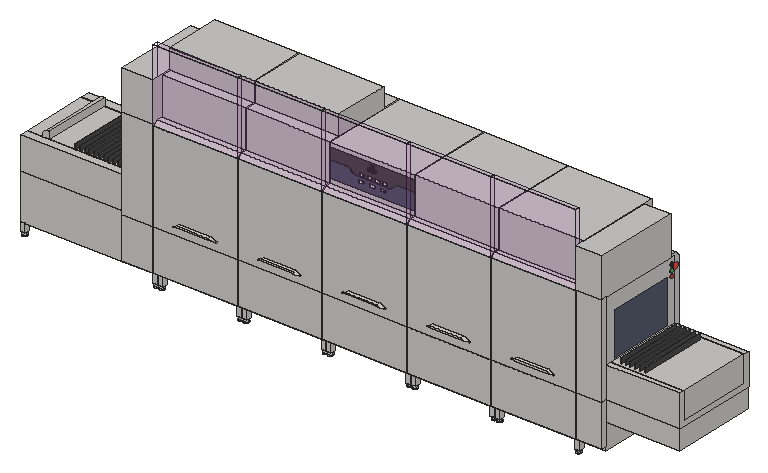
Revit family "QF_ELECTROLUXPROFESSIONAL_520122_EFTD082EL2U2D1M5ER386", category Attrezzature speciali, Revit 2020
Family settings
  Quota connettore circolare = Usa diametro
  Tipo di parte = Normale
  Basato su piano di lavoro = No
  Sempre verticale = Sì
  Taglio con vuoti quando caricato = No
  Condiviso = No
  Punto di calcolo locali = No
Parameters (values of type "Standard")
  Weight = 1381.00 kg
  Watts = 66700 W
  Volts = 380 V
  URL Manufacturer = "https://www.electroluxprofessional.com/"
  URL = "https://www.electroluxprofessional.com/"
  Steam Supply Size = 0 mm
  Steam Supply Minimum Pressure = 0.0 Pa
  Steam Supply Maximum Pressure = 0.0 Pa
  Steam Consumption per Hour = 0
  Show Logo [instance] = yes
  Show Clearance [instance] = yes
  Refrigeration Suction Line Size = 0 mm
  Refrigeration Liquid Line Size = 0 mm
  Refrigerant Compressor Remote = yes
  Prospetto di default = 0 mm
  Produttore = "Electrolux Professional"
  Phase = 3
  Modello = "EFTD082EL2U2D1M5ER386"
  Length Actual = 6250 mm  # constant formula
  Item Number = "520122"
  Hot Water Size = 0 mm
  Height Actual = 1983 mm  # constant formula
  HP = "89.4 HP"
  Gas Size = 0 mm
  Gas KW = 0
  Gas Input Pressure = 0 W
  Direct Waste Size = 50.8 mm
  Descrizione = "FT, 3TANKS, 8200D/H, EL., 950MM LOADING, 1300MM UNLOADING, 1DRYER, 55MM CONVEYOR,ESD,R>L,380V60HZ3P"
  Depth Actual = 946 mm  # constant formula
  Cycle = 60 Hz
  Condensate Return Size = 0 mm
  Compressed Air Volume = 0.0 L/s
  Compressed Air Size = 0 mm
  Compressed Air Pressure = 0.0 Pa
  Cold Water Size = 0 mm
  Accessory = yes
Reference planes
  plane 1 "Centro (Fronte/Retro)": y = 0
  plane 2: z = 0
  plane 3 "Centro (Sinistra/Destra)": x = 0
  plane 4: z = 115
Forms (mm)
  Extrusion 1, solid, material "QF_Finishes_Stainless Steel"
    sketch origin (2582.404, 2, 1806.023) x (1, 0, 0) y (0, 0, 1)
      loop
        line (407.596, -163.023) -> (407.596, -183.023) -> (427.596, -183.023) -> (427.596, -163.023) -> (407.596, -163.023)
    from 0 to 2
  Extrusion 2, solid, material "QF_Finishes_Stainless Steel"
    sketch origin (-5.617, 22.464, 1290.159) x (0, 0, -1) y (0, 1, 0)
      loop
        circle (1102.159, -772.464) r 25
    from -9.383 to 5.617
  Extrusion 3, solid, material "QF_Finishes_Stainless Steel"
    sketch origin (3242.404, 2, 337.984) x (1, 0, 0) y (0, 0, 1)
      loop
        line (407.596, -163.023) -> (407.596, -183.023) -> (427.596, -183.023) -> (427.596, -163.023) -> (407.596, -163.023)
    from 0 to 2
  Extrusion 4, solid, material "QF_Finishes_Stainless Steel"
    sketch origin (647.841, 200.464, 109.383) x (1, 0, 0) y (0, 1, 0)
      loop
        circle (1102.159, -772.464) r 10
    from -9.383 to 5.617
Dimensions and locks
  plane 4 to level = 115 mm
  aligned and locked: level to plane 2
Nested families
  nested 1: "MODULO_CENTER_800_FAN" at (1683.563, -388.258, 0), Show Clearance <- "Show Clearance", type "MODULO_CENTER_800_FAN"
    with Show Logo yes, Show Clearance yes, R_L no, L_R yes
  nested 2: "MODULO_CENTER_800_FAN" at (2483.563, -388.258, 0), Show Clearance <- "Show Clearance", type "MODULO_CENTER_800_FAN"
    with Show Logo yes, Show Clearance yes, R_L no, L_R yes
  nested 3: "MODULO_CENTER_800" at (3283.563, -388.258, 0), Show Clearance <- "Show Clearance", type "MODULO_CENTER_800"
    with Show Logo yes, Show Clearance yes, R_L no, L_R yes
  nested 4: "MODULO_ENTRY_DISH_950" at (5691.437, -523.742, 0) x (-1, 0, 0) z (0, 0, 1), type "MODULO_ENTRY_DISH_950"
    with Show Logo yes, Show Clearance yes, R_L no, L_R yes
  nested 5: "MODULO_USCITA_DISH_1300" at (941.437, -523.742, 0) x (-1, 0, 0) z (0, 0, 1), type "MODULO_USCITA_DISH_1300"
    with Show Logo yes, Show Clearance yes, R_L yes, L_R no
  nested 6: "Piedino_Square_115H" at (23.5, -838.5, 0), type "Piedino_Square_115H"
  nested 7: "Piedino_Square_115H" at (23.5, -73.5, 0), type "Piedino_Square_115H"
  nested 8: "Piedino_Square_115H" at (1276.5, -838.5, 0), type "Piedino_Square_115H"
  nested 9: "Piedino_Square_115H" at (1276.5, -73.5, 0), type "Piedino_Square_115H"
  nested 10: "Piedino_Square_115H" at (1323.5, -838.5, 0), type "Piedino_Square_115H"
  nested 11: "Piedino_Square_115H" at (1323.5, -73.5, 0), type "Piedino_Square_115H"
  nested 12: "Piedino_Square_115H" at (2076.5, -838.5, 0), type "Piedino_Square_115H"
  nested 13: "Piedino_Square_115H" at (2076.5, -73.5, 0), type "Piedino_Square_115H"
  nested 14: "Piedino_Square_115H" at (2123.5, -838.5, 0) x (-1, 0, 0) z (0, 0, 1), type "Piedino_Square_115H"
  nested 15: "Piedino_Square_115H" at (2123.5, -73.5, 0) x (-1, 0, 0) z (0, 0, 1), type "Piedino_Square_115H"
  nested 16: "Piedino_Square_115H" at (2876.5, -838.5, 0) x (-1, 0, 0) z (0, 0, 1), type "Piedino_Square_115H"
  nested 17: "Piedino_Square_115H" at (2876.5, -73.5, 0) x (-1, 0, 0) z (0, 0, 1), type "Piedino_Square_115H"
  nested 18: "Piedino_Square_115H" at (2923.5, -838.5, 0), type "Piedino_Square_115H"
  nested 19: "Piedino_Square_115H" at (2923.5, -73.5, 0), type "Piedino_Square_115H"
  nested 20: "Piedino_Square_115H" at (3676.5, -838.5, 0), type "Piedino_Square_115H"
  nested 21: "Piedino_Square_115H" at (3676.5, -73.5, 0), type "Piedino_Square_115H"
  nested 22: "MANIGLIA_FLIGHT_400" at (3300, -912, 639.28) x (1, 0, 0) z (0, -1, 0), type "MANIGLIA_FLIGHT_400"
  nested 23: "MANIGLIA_FLIGHT_400" at (2500, -912, 639.28) x (1, 0, 0) z (0, -1, 0), type "MANIGLIA_FLIGHT_400"
  nested 24: "MANIGLIA_FLIGHT_400" at (1700, -912, 639.28) x (1, 0, 0) z (0, -1, 0), type "MANIGLIA_FLIGHT_400"
  nested 25: "MODULO_CENTER_800" at (4116.437, -388.258, 0) x (-1, 0, 0) z (0, 0, 1), Show Clearance <- "Show Clearance", type "MODULO_CENTER_800"
    with Show Logo yes, Show Clearance yes, R_L no, L_R yes
  nested 26: "Piedino_Square_115H" at (4476.5, -838.5, 0) x (-1, 0, 0) z (0, 0, 1), type "Piedino_Square_115H"
  nested 27: "Piedino_Square_115H" at (4476.5, -73.5, 0) x (-1, 0, 0) z (0, 0, 1), type "Piedino_Square_115H"
  nested 28: "Piedino_Square_115H" at (3723.5, -838.5, 0) x (-1, 0, 0) z (0, 0, 1), type "Piedino_Square_115H"
  nested 29: "Piedino_Square_115H" at (3723.5, -73.5, 0) x (-1, 0, 0) z (0, 0, 1), type "Piedino_Square_115H"
  nested 30: "MANIGLIA_FLIGHT_400" at (4100, -912, 639.28) x (-1, 0, 0) z (0, -1, 0), type "MANIGLIA_FLIGHT_400"
  nested 31: "MODULO_CENTER_800" at (4883.563, -388.258, 0), Show Clearance <- "Show Clearance", type "MODULO_CENTER_800"
    with Show Logo yes, Show Clearance yes, R_L no, L_R yes
  nested 32: "Piedino_Square_115H" at (4523.5, -838.5, 0), type "Piedino_Square_115H"
  nested 33: "Piedino_Square_115H" at (4523.5, -73.5, 0), type "Piedino_Square_115H"
  nested 34: "Piedino_Square_115H" at (5276.5, -838.5, 0), type "Piedino_Square_115H"
  nested 35: "Piedino_Square_115H" at (5276.5, -73.5, 0), type "Piedino_Square_115H"
  nested 36: "MANIGLIA_FLIGHT_400" at (4900, -912, 639.28) x (1, 0, 0) z (0, -1, 0), type "MANIGLIA_FLIGHT_400"
  nested 37: "Schermo_Flight_800" at (3300, -815, 1593.29) x (1, 0, 0) z (0, -1, 0), type "Schermo_Flight_800"
  nested 38: "ELX_LOGO_WORDS_WHITE" at (3300, -816.6, 1683.29) x (1, 0, 0) z (0, -1, 0), Show Logo <- "Show Logo", visible <- "Show Logo", type "ELX_LOGO_WORDS_WHITE"
    with Show Logo yes
  nested 39: "ELX_LOGO_MONO_SMALL_WHITE" at (3290.08, -816.6, 1669.29) x (-1, 0, 0) z (0, -1, 0), Show Logo <- "Show Logo", visible <- "Show Logo", type "ELX_LOGO_MONO_SMALL_WHITE"
    with Show Logo yes
Connectors
  electrical at (3000, 2, 1633)
    settings: on Extrusion 1, index 69, voltage 0 V, apparent load 0 VA, apparent load phase1 0 VA, apparent load phase2 0 VA, apparent load phase3 0 VA, power factor 1, load classification "Altro", number of poles 1, system type 30, power factor state 1, is connector primary yes, connector utility no, sub classification motor no, connector description "EI"
  piping at (-15, -750, 188), diameter 50
    settings: on Extrusion 2, index 70, connector inside diameter 609.6 mm, connector length 0 mm, flow factor 0, pipe flow 0.0 L/s, pressure drop 0.0 Pa, fitting loss kfactor 0, connector angle 0.00°, fixture units 0, engagement length 0 mm, angle of deflection 0.00°, flow configuration 0, flow direction 0, fitting loss method 0, system type 29, joint type 0, gender type 0, connector reference index -1, connector utility 0, adjustable connector no, is connector primary yes, connector description "D"
  electrical at (3660, 2, 164.961)
    settings: on Extrusion 3, index 71, voltage 0 V, apparent load 0 VA, apparent load phase1 0 VA, apparent load phase2 0 VA, apparent load phase3 0 VA, power factor 1, load classification "Altro", number of poles 1, system type 30, power factor state 1, is connector primary no, connector utility no, sub classification motor no, connector description "EQ"
  piping at (1750, -572, 100), diameter 19.1
    settings: on Extrusion 4, index 72, connector inside diameter 609.6 mm, connector length 0 mm, flow factor 0, pipe flow 0.0 L/s, pressure drop 0.0 Pa, fitting loss kfactor 0, connector angle 0.00°, fixture units 0, engagement length 0 mm, angle of deflection 0.00°, flow configuration 0, flow direction 0, fitting loss method 0, system type 29, joint type 0, gender type 0, connector reference index -1, connector utility 0, adjustable connector no, is connector primary no, connector description "HWI/CWI"
Definition of nested family "MODULO_CENTER_800_FAN"
  Parameters (values of type "MODULO_CENTER_800_FAN")
    URL = "http://professional.electrolux.com"
    Show Logo [instance] = yes
    R_L [instance] = not(L_R)  # no
    Default Elevation = 0 mm
    Manufacturer = "Electrolux"
    Model = "ESR10E5"
    Length Actual = 800 mm
    Show Clearance [instance] = yes
    L_R [instance] = yes
    Height Actual = 1792 mm
    Description = "SINGLE RINSE RT, 100R/H, ELECTRIC 50HZ"
    Depth Actual = 912 mm
  Reference planes
    plane 1 "Center X": y = -67.742
    plane 2: z = 0
    plane 3 "LEFT": x = -383.563
    plane 4 "RIGHT": x = 416.437
    plane 5 "BACK": y = 388.258
    plane 6 "FEET": z = 115
    plane 7: z = 2092
    plane 8 "TOP": z = 1792
    plane 9 "FRONT": y = -523.742
    plane 10 "Left/Right": x = 16.437
    plane 11 "TopVent": z = 1983
  Forms (mm)
    Extrusion 1, solid
      sketch origin (416.437, 479.936, 4000) x (0, 1, 0) y (0, 0, 1)
        loop
          line (-91.678, -2208) -> (-906.678, -2208) -> (-906.678, -2580) -> (-91.678, -2580) -> (-91.678, -2208)
      from -800 to 0
    Extrusion 2, solid
      sketch origin (-383.563, 437.565, 3910) x (0, 1, 0) y (0, 0, 1)
        loop
          line (-99.307, -2490) -> (-911.307, -2490) -> (-911.307, -3552) -> (-99.307, -3552) -> (-99.307, -2490)
      from 800 to 0
    Extrusion 3, solid
      sketch origin (416.437, 479.936, 4299) x (0, 1, 0) y (0, 0, 1)
        loop
          line (-278.21, -2316) -> (-803.678, -2316) -> (-803.678, -2507) -> (-278.21, -2507) -> (-278.21, -2316)
      from -800 to 0
    Extrusion 4, solid
      sketch origin (16.437, 0, 1.5) x (0, 0, 1) y (0, -1, 0)
        loop
          line (356.5, -338.258) -> (356.5, 473.742) -> (113.5, 473.742) -> (113.5, -338.258) -> (356.5, -338.258)
      from 400 to -400
    Extrusion 5, solid
      sketch origin (16.437, 0, 0) x (0, 0, 1) y (0, -1, 0)
        loop
          line (1420, -338.258) -> (545, -338.258) -> (545, -388.258) -> (1420, -388.258) -> (1420, -338.258)
      from -400 to 400
    Extrusion 6, solid
      sketch origin (16.437, 0, 0) x (0, 0, 1) y (0, -1, 0)
        loop
          line (545, -388.258) -> (545, -338.258) -> (154, -338.258) -> (154, -388.258) -> (545, -388.258)
      from -400 to 400
    Extrusion 7, solid
      sketch origin (16.437, -882.484, -150) x (0, -1, 0) y (0, 0, 1)
        loop
          line (-358.742, 304) -> (-358.742, 695) -> (-408.742, 695) -> (-408.742, 304) -> (-358.742, 304)
      from -400 to 400
    Extrusion 8, solid
      sketch origin (16.437, -882.484, -151) x (0, -1, 0) y (0, 0, 1)
        loop
          line (-408.742, 1571) -> (-408.742, 696) -> (-358.742, 696) -> (-358.742, 1556) -> (-395.742, 1593) -> (-443.742, 1593) -> (-443.742, 1571) -> (-408.742, 1571)
      from -400 to 400
    Extrusion 9, solid, visible <- "Show Clearance"
      sketch origin (16.437, -882.484, 452) x (0, -1, 0) y (0, 0, 1)
        loop
          line (-408.742, 1640) -> (-408.742, 953.624) -> (-358.742, 953.624) -> (-358.742, 1640) -> (-408.742, 1640)
      from -400 to 400
  Dimensions and locks
    plane 3 "LEFT" to plane 4 "RIGHT" = 800 mm
    plane 5 "BACK" to plane 1 "Center X" to plane 9 "FRONT" = 456 mm, 456 mm
    plane 6 "FEET" to level = 115 mm  (x2)
    plane 6 "FEET" to plane 8 "TOP" = 1677 mm
    plane 5 "BACK" to plane 9 "FRONT" = 912 mm  (x2)
    plane 4 "RIGHT" to plane 3 "LEFT" = 800 mm
    plane 9 "FRONT" to plane 5 "BACK" = 912 mm
    level to plane 8 "TOP" = 1792 mm  (x2)
    plane 7 to level = 2092 mm
    plane 11 "TopVent" to plane 2 = 1983 mm
    plane 7 to plane 2 = 2092 mm
    Extrusion 2 to level = 1420 mm
    Extrusion 8 to level = 1442 mm
    plane 11 "TopVent" to level = 1983 mm
    aligned and locked: level to plane 2
Definition of nested family "MODULO_CENTER_800"
  Parameters (values of type "MODULO_CENTER_800")
    URL = "http://professional.electrolux.com"
    Show Logo [instance] = yes
    R_L [instance] = not(L_R)  # no
    Default Elevation = 0 mm
    Manufacturer = "Electrolux"
    Model = "ESR10E5"
    Length Actual = 800 mm
    Show Clearance [instance] = yes
    L_R [instance] = yes
    Height Actual = 1792 mm
    Description = "SINGLE RINSE RT, 100R/H, ELECTRIC 50HZ"
    Depth Actual = 912 mm
  Reference planes
    plane 1 "Center X": y = -67.742
    plane 2: z = 0
    plane 3 "LEFT": x = -383.563
    plane 4 "RIGHT": x = 416.437
    plane 5 "BACK": y = 388.258
    plane 6 "FEET": z = 115
    plane 7: z = 2092
    plane 8 "TOP": z = 1792
    plane 9 "FRONT": y = -523.742
    plane 10 "Left/Right": x = 16.437
  Forms (mm)
    Extrusion 1, solid
      sketch origin (416.437, 479.936, 4000) x (0, 1, 0) y (0, 0, 1)
        loop
          line (-91.678, -2208) -> (-906.678, -2208) -> (-906.678, -2580) -> (-91.678, -2580) -> (-91.678, -2208)
      from -800 to 0
    Extrusion 2, solid
      sketch origin (-383.563, 437.565, 3915) x (0, 1, 0) y (0, 0, 1)
        loop
          line (-99.307, -2495) -> (-911.307, -2495) -> (-911.307, -3557) -> (-99.307, -3557) -> (-99.307, -2495)
      from 800 to 0
    Extrusion 3, solid
      sketch origin (16.437, 0, 1.5) x (0, 0, 1) y (0, -1, 0)
        loop
          line (356.5, -338.258) -> (356.5, 473.742) -> (113.5, 473.742) -> (113.5, -338.258) -> (356.5, -338.258)
      from 400 to -400
    Extrusion 4, solid
      sketch origin (16.437, 0, 0) x (0, 0, 1) y (0, -1, 0)
        loop
          line (1420, -338.258) -> (545, -338.258) -> (545, -388.258) -> (1420, -388.258) -> (1420, -338.258)
      from -400 to 400
    Extrusion 5, solid
      sketch origin (16.437, 0, 0) x (0, 0, 1) y (0, -1, 0)
        loop
          line (545, -388.258) -> (545, -338.258) -> (154, -338.258) -> (154, -388.258) -> (545, -388.258)
      from -400 to 400
    Extrusion 6, solid
      sketch origin (16.437, -882.484, -150) x (0, -1, 0) y (0, 0, 1)
        loop
          line (-358.742, 304) -> (-358.742, 695) -> (-408.742, 695) -> (-408.742, 304) -> (-358.742, 304)
      from -400 to 400
    Extrusion 7, solid
      sketch origin (16.437, -882.484, -151) x (0, -1, 0) y (0, 0, 1)
        loop
          line (-408.742, 1571) -> (-408.742, 696) -> (-358.742, 696) -> (-358.742, 1556) -> (-395.742, 1593) -> (-443.742, 1593) -> (-443.742, 1571) -> (-408.742, 1571)
      from -400 to 400
    Extrusion 8, solid, visible <- "Show Clearance"
      sketch origin (16.437, -882.484, 452) x (0, -1, 0) y (0, 0, 1)
        loop
          line (-408.742, 1640) -> (-408.742, 953.624) -> (-358.742, 953.624) -> (-358.742, 1640) -> (-408.742, 1640)
      from -400 to 400
  Dimensions and locks
    plane 3 "LEFT" to plane 4 "RIGHT" = 800 mm
    plane 5 "BACK" to plane 1 "Center X" to plane 9 "FRONT" = 456 mm, 456 mm
    plane 6 "FEET" to level = 115 mm  (x2)
    plane 6 "FEET" to plane 8 "TOP" = 1677 mm
    plane 5 "BACK" to plane 9 "FRONT" = 912 mm  (x2)
    plane 4 "RIGHT" to plane 3 "LEFT" = 800 mm
    plane 9 "FRONT" to plane 5 "BACK" = 912 mm
    level to plane 8 "TOP" = 1792 mm  (x2)
    plane 7 to level = 2092 mm
    plane 7 to plane 2 = 2092 mm
    Extrusion 2 to level = 1420 mm
    Extrusion 7 to level = 1442 mm
    aligned and locked: level to plane 2
Definition of nested family "MODULO_ENTRY_DISH_950"
  Parameters (values of type "MODULO_ENTRY_DISH_950")
    URL = "http://professional.electrolux.com"
    Show Logo [instance] = yes
    R_L [instance] = not(L_R)  # no
    Default Elevation = 0 mm
    Manufacturer = "Electrolux"
    Model = "ESR10E5"
    Length Actual = 800 mm
    Show Clearance [instance] = yes
    L_R [instance] = yes
    Height Actual = 1792 mm
    Description = "SINGLE RINSE RT, 100R/H, ELECTRIC 50HZ"
    Depth Actual = 912 mm
  Reference planes
    plane 1 "Center (Front/Back)": y = -67.742
    plane 2: z = 0
    plane 3 "LEFT": x = -558.563
    plane 4 "RIGHT": x = 391.437
    plane 5 "BACK": y = 388.258
    plane 6 "FRONT": y = -523.742
    plane 7 "BUTTONS": y = -427.742
    plane 8: z = 115
    plane 9 "2": y = 292.258
  Forms (mm)
    Extrusion 1, solid, visible <- "L_R"
      sketch origin (391.437, 479.936, 4000) x (0, 1, 0) y (0, 0, 1)
        loop
          line (-91.678, -2208) -> (-906.678, -2208) -> (-906.678, -2580) -> (-91.678, -2580) -> (-91.678, -2208)
      from -250 to 0
    Extrusion 2, solid
      sketch origin (-358.563, 437.565, 3910) x (0, 1, 0) y (0, 0, 1)
        loop
          line (-99.307, -2490) -> (-911.307, -2490) -> (-911.307, -3552) -> (-99.307, -3552) -> (-99.307, -2490)
      from 750 to 500
    Extrusion 3, solid
      sketch origin (-558.563, 437.565, 3910) x (0, 1, 0) y (0, 0, 1)
        loop
          line (-99.307, -3365) -> (-99.307, -3060) -> (-149.307, -3060) -> (-149.307, -3315) -> (-861.307, -3315) -> (-861.307, -3060) -> (-911.307, -3060) -> (-911.307, -3365) -> (-99.307, -3365)
      from 700 to 0
    Extrusion 4, solid
      sketch origin (16.437, 0, -4.987) x (0, 0, 1) y (0, -1, 0)
        loop
          line (362.987, -338.258) -> (362.987, 473.742) -> (119.987, 473.742) -> (119.987, -338.258) -> (362.987, -338.258)
      from 375 to 125
    Extrusion 5, solid, visible <- "L_R"
      sketch origin (16.437, 0, 0) x (0, 0, 1) y (0, -1, 0)
        loop
          line (1420, -338.258) -> (545, -338.258) -> (545, -388.258) -> (1420, -388.258) -> (1420, -338.258)
      from 125 to 375
    Extrusion 6, solid
      sketch origin (16.437, 0, 0) x (0, 0, 1) y (0, -1, 0)
        loop
          line (545, -388.258) -> (545, -338.258) -> (154, -338.258) -> (154, -388.258) -> (545, -388.258)
      from 125 to 375
    Extrusion 7, solid
      sketch origin (-558.563, 437.565, 3607.258) x (0, 1, 0) y (0, 0, 1)
        loop
          line (-99.307, -3249.258) -> (-99.307, -3062.258) -> (-911.307, -3062.258) -> (-911.307, -3249.258) -> (-99.307, -3249.258)
      from 700 to 0
    Extrusion 8, solid
      sketch origin (-558.563, 437.565, 4000) x (0, 1, 0) y (0, 0, 1)
        loop
          line (-149.307, -3150) -> (-861.307, -3150) -> (-861.307, -3405) -> (-149.307, -3405) -> (-149.307, -3150)
      from 0 to 700
    Extrusion 9, solid
      sketch origin (266.437, -882.484, -150) x (0, -1, 0) y (0, 0, 1)
        loop
          line (-358.742, 304) -> (-358.742, 695) -> (-408.742, 695) -> (-408.742, 304) -> (-358.742, 304)
      from -125 to 125
    Extrusion 10, solid, visible <- "L_R"
      sketch origin (266.437, -882.484, -151) x (0, -1, 0) y (0, 0, 1)
        loop
          line (-408.742, 1571) -> (-408.742, 696) -> (-358.742, 696) -> (-358.742, 1556) -> (-395.742, 1593) -> (-443.742, 1593) -> (-443.742, 1571) -> (-408.742, 1571)
      from -125 to 125
    Extrusion 11, solid
      sketch origin (-358.563, 437.565, 4000) x (0, 1, 0) y (0, 0, 1)
        loop
          line (-199.307, -2725.701) -> (-811.307, -2725.701) -> (-811.307, -3137.701) -> (-199.307, -3137.701) -> (-199.307, -2725.701)
      from 495.458 to 500
    Extrusion 12, solid, visible <- "R_L"
      sketch origin (266.437, 747, -151) x (0, 1, 0) y (0, 0, -1)
        loop
          line (-408.742, -1571) -> (-443.742, -1571) -> (-443.742, -1593) -> (-395.742, -1593) -> (-358.742, -1556) -> (-358.742, -696) -> (-408.742, -696) -> (-408.742, -1571)
      from -125 to 125
    Extrusion 13, solid, visible <- "R_L"
      sketch origin (16.437, -135.484, 0) x (0, 0, 1) y (0, -1, 0)
        loop
          line (1420, 338.258) -> (1420, 388.258) -> (545, 388.258) -> (545, 338.258) -> (1420, 338.258)
      from 125 to 375
    Extrusion 14, solid, visible <- "R_L"
      sketch origin (391.437, -615.42, 4000) x (0, -1, 0) y (0, 0, -1)
        loop
          line (-91.678, 2208) -> (-91.678, 2580) -> (-906.678, 2580) -> (-906.678, 2208) -> (-91.678, 2208)
      from -250 to 0
    Extrusion 15, solid
      sketch origin (-191.477, -192.742, -3) x (-1, 0, 0) y (0, 0, 1)
        loop
          line (-26.676, 853) -> (-26.676, 898) -> (-36.676, 898) -> (-36.676, 853) -> (-26.676, 853)
      from -196 to 446
    Extrusion 16, solid
      sketch origin (-146.477, -192.742, -3) x (-1, 0, 0) y (0, 0, 1)
        loop
          line (-26.676, 853) -> (-26.676, 898) -> (-36.676, 898) -> (-36.676, 853) -> (-26.676, 853)
      from -196 to 446
    Extrusion 17, solid
      sketch origin (-101.477, -192.742, -3) x (-1, 0, 0) y (0, 0, 1)
        loop
          line (-26.676, 853) -> (-26.676, 898) -> (-36.676, 898) -> (-36.676, 853) -> (-26.676, 853)
      from -196 to 446
    Extrusion 18, solid
      sketch origin (-56.477, -192.742, -3) x (-1, 0, 0) y (0, 0, 1)
        loop
          line (-26.676, 853) -> (-26.676, 898) -> (-36.676, 898) -> (-36.676, 853) -> (-26.676, 853)
      from -196 to 446
    Extrusion 19, solid
      sketch origin (-11.477, -192.742, -3) x (-1, 0, 0) y (0, 0, 1)
        loop
          line (-26.676, 853) -> (-26.676, 898) -> (-36.676, 898) -> (-36.676, 853) -> (-26.676, 853)
      from -196 to 446
    Extrusion 20, solid
      sketch origin (33.523, -192.742, -3) x (-1, 0, 0) y (0, 0, 1)
        loop
          line (-26.676, 853) -> (-26.676, 898) -> (-36.676, 898) -> (-36.676, 853) -> (-26.676, 853)
      from -196 to 446
  Dimensions and locks
    plane 3 "LEFT" to plane 4 "RIGHT" = 950 mm
    plane 5 "BACK" to plane 1 "Center (Front/Back)" to plane 6 "FRONT" = 456 mm, 456 mm
    plane 5 "BACK" to plane 6 "FRONT" = 912 mm  (x2)
    plane 4 "RIGHT" to plane 3 "LEFT" = 950 mm  (x2)
    plane 6 "FRONT" to plane 5 "BACK" = 912 mm
    plane 8 to level = 115 mm
    Extrusion 1 to level = 1792 mm
    Extrusion 3 to level = 850 mm
    aligned and locked: level to plane 2
  Nested families
    nested 1: "BOTTONE_RED_STOP" at (141.437, -427.742, 1266.906) x (0, -1, 0) z (-1, 0, 0), visible <- "L_R", type "BOTTONE_RED_STOP"
    nested 2: "BOTTONE_EMERGENCY_STOP" at (141.437, -427.742, 1370) x (0, -1, 0) z (-1, 0, 0), visible <- "L_R", type "BOTTONE_EMERGENCY_STOP"
    nested 3: "BOTTONE_GREEN_START" at (141.437, -427.742, 1316.906) x (0, -1, 0) z (-1, 0, 0), visible <- "L_R", type "BOTTONE_GREEN_START"
    nested 4: "BOTTONE_RED_STOP" at (141.437, 292.258, 1267.906) x (0, 1, 0) z (-1, 0, 0), visible <- "R_L", type "BOTTONE_RED_STOP"
    nested 5: "BOTTONE_EMERGENCY_STOP" at (141.437, 292.258, 1371) x (0, 1, 0) z (-1, 0, 0), visible <- "R_L", type "BOTTONE_EMERGENCY_STOP"
    nested 6: "BOTTONE_GREEN_START" at (141.437, 292.258, 1317.906) x (0, 1, 0) z (-1, 0, 0), visible <- "R_L", type "BOTTONE_GREEN_START"
  Definition of nested family "BOTTONE_RED_STOP"
    Parameters (values of type "BOTTONE_RED_STOP")
      Default Elevation = 1219.2 mm
    Reference planes
      plane 1 "Centro (Fronte/Retro)": y = 0
      plane 2: z = 0
      plane 3 "Centro (Sinistra/Destra)": x = 0
    Forms (mm)
      Extrusion 1, solid
        sketch origin (0, 0, 0) x (1, 0, 0) y (0, 1, 0)
          loop
            line (-1219.2, 1219.2) -> (-1219.2, -1219.2) -> (1219.2, -1219.2) -> (1219.2, 1219.2) -> (-1219.2, 1219.2)
        from 0 to -304.8
      Extrusion 2, solid
        sketch origin (-367.513, 69.533, 15) x (-1, 0, 0) y (0, 1, 0)
          loop
            circle (-367.513, -69.533) r 15
        from 0 to 15
    Dimensions and locks
      aligned and locked: plane 2 to Extrusion 1
      aligned and locked: level to Extrusion 1
  Definition of nested family "BOTTONE_EMERGENCY_STOP"
    Parameters
      Default Elevation = 1219.2 mm
    Reference planes
      plane 1 "Centro (Fronte/Retro)": y = 0
      plane 2: z = 0
      plane 3 "Centro (Sinistra/Destra)": x = 0
    Forms (mm)
      Extrusion 1, solid
        sketch origin (0, 0, 0) x (1, 0, 0) y (0, 1, 0)
          loop
            line (-1219.2, 1219.2) -> (-1219.2, -1219.2) -> (1219.2, -1219.2) -> (1219.2, 1219.2) -> (-1219.2, 1219.2)
        from 0 to -304.8
      Extrusion 2, solid
        sketch origin (0, 0, 0) x (1, 0, 0) y (0, 1, 0)
          loop
            circle (0, 0) r 15
        from 0 to 20.273
      Blend 3, solid
        base sketch origin (-49.801, 0, 0) x (1, 0, 0) y (0, 1, 0)
          loop
            circle (49.801, 0) r 15
        top sketch origin (-49.801, 0, 0) x (1, 0, 0) y (0, 1, 0)
          loop
            circle (49.801, 0) r 25
        from 20.273 to 47.605
    Dimensions and locks
      aligned and locked: plane 2 to Extrusion 1
      aligned and locked: level to Extrusion 1
  Definition of nested family "BOTTONE_GREEN_START"
    Parameters (values of type "BOTTONE_GREEN_START")
      Default Elevation = 1219.2 mm
    Reference planes
      plane 1 "Centro (Fronte/Retro)": y = 0
      plane 2: z = 0
      plane 3 "Centro (Sinistra/Destra)": x = 0
    Forms (mm)
      Extrusion 1, solid
        sketch origin (0, 0, 0) x (1, 0, 0) y (0, 1, 0)
          loop
            line (-1219.2, 1219.2) -> (-1219.2, -1219.2) -> (1219.2, -1219.2) -> (1219.2, 1219.2) -> (-1219.2, 1219.2)
        from 0 to -304.8
      Extrusion 2, solid
        sketch origin (-367.513, 69.533, 15) x (-1, 0, 0) y (0, 1, 0)
          loop
            circle (-367.513, -69.533) r 15
        from 0 to 15
    Dimensions and locks
      aligned and locked: plane 2 to Extrusion 1
      aligned and locked: level to Extrusion 1
Definition of nested family "MODULO_USCITA_DISH_1300"
  Parameters (values of type "MODULO_USCITA_DISH_1300")
    URL = "http://professional.electrolux.com"
    Show Logo [instance] = yes
    R_L [instance] = not(L_R)  # yes
    Default Elevation = 0 mm
    Manufacturer = "Electrolux"
    Model = "ESR10E5"
    Length Actual = 800 mm
    Show Clearance [instance] = yes
    L_R [instance] = no
    Height Actual = 1792 mm
    Description = "SINGLE RINSE RT, 100R/H, ELECTRIC 50HZ"
    Depth Actual = 912 mm
  Reference planes
    plane 1 "Center (Front/Back)": y = -67.742
    plane 2: z = 0
    plane 3 "LEFT": x = -358.563
    plane 4 "BACK": y = 388.258
    plane 5 "FEET": z = 115
    plane 6 "TOP": z = 1792
    plane 7 "FRONT": y = -523.742
    plane 8 "Left/Right": x = 16.437
    plane 9: x = -358.563
    plane 10: y = -427.742
    plane 11 "RIGHT": x = 941.437
  Forms (mm)
    Extrusion 1, solid, visible <- "R_L"
      sketch origin (-358.563, 479.936, 4003) x (0, 1, 0) y (0, 0, -1)
        loop
          line (-91.678, 2211) -> (-91.678, 2583) -> (-906.678, 2583) -> (-906.678, 2211) -> (-91.678, 2211)
      from -300 to 0
    Extrusion 2, solid
      sketch origin (-358.563, 437.565, 4003) x (0, 1, 0) y (0, 0, 1)
        loop
          line (-99.307, -3458) -> (-911.307, -3458) -> (-911.307, -3888) -> (-99.307, -3888) -> (-99.307, -3458)
      from 300 to 0
    Extrusion 3, solid
      sketch origin (-358.563, 479.936, 4003) x (0, 1, 0) y (0, 0, -1)
        loop
          line (-141.678, 2583) -> (-141.678, 3458) -> (-953.678, 3458) -> (-953.678, 2583) -> (-141.678, 2583)
      from -300 to 0
    Extrusion 4, solid
      sketch origin (391.437, 437.565, 3913) x (0, 1, 0) y (0, 0, -1)
        loop
          line (-99.307, 3368) -> (-911.307, 3368) -> (-911.307, 3063) -> (-826.307, 3063) -> (-826.307, 3318) -> (-184.307, 3318) -> (-184.307, 3063) -> (-99.307, 3063) -> (-99.307, 3368)
      from 450 to -550
    Extrusion 5, solid, visible <- "R_L"
      sketch origin (16.437, 0, 3) x (0, 0, 1) y (0, 1, 0)
        loop
          line (1417, 338.258) -> (1417, 388.258) -> (542, 388.258) -> (542, 338.258) -> (1417, 338.258)
      from 75 to 375
    Extrusion 6, solid
      sketch origin (16.437, 0, 3) x (0, 0, 1) y (0, 1, 0)
        loop
          line (542, 388.258) -> (151, 388.258) -> (151, 338.258) -> (542, 338.258) -> (542, 388.258)
      from 75 to 375
    Extrusion 7, solid
      sketch origin (391.437, 437.565, 3610.258) x (0, 1, 0) y (0, 0, -1)
        loop
          line (-99.307, 3495.258) -> (-911.307, 3495.258) -> (-911.307, 3065.258) -> (-99.307, 3065.258) -> (-99.307, 3495.258)
      from 450 to -550
    Extrusion 8, solid
      sketch origin (991.437, 0, 3) x (0, 1, 0) y (0, 0, 1)
        loop
          line (253.258, 847) -> (-388.742, 847) -> (-388.742, 592) -> (253.258, 592) -> (253.258, 847)
      from -50 to -1050
    Extrusion 9, solid
      sketch origin (-358.563, 437.565, 3928) x (0, 1, 0) y (0, 0, 1)
        loop
          line (-811.307, -3065.701) -> (-199.307, -3065.701) -> (-199.307, -2653.701) -> (-811.307, -2653.701) -> (-811.307, -3065.701)
      from 300 to 304.77
    Extrusion 10, solid
      sketch origin (-208.563, -115, -147) x (0, 1, 0) y (0, 0, 1)
        loop
          line (-358.742, 301) -> (-358.742, 692) -> (-408.742, 692) -> (-408.742, 301) -> (-358.742, 301)
      from -150 to 150
    Extrusion 11, solid, visible <- "R_L"
      sketch origin (-208.563, -882.484, -151) x (0, -1, 0) y (0, 0, 1)
        loop
          line (-408.742, 1571) -> (-408.742, 696) -> (-358.742, 696) -> (-358.742, 1556) -> (-395.742, 1593) -> (-443.742, 1593) -> (-443.742, 1571) -> (-408.742, 1571)
      from -150 to 150
    Extrusion 12, solid
      sketch origin (-39.574, -192.742, -3) x (-1, 0, 0) y (0, 0, 1)
        loop
          line (-26.676, 853) -> (-26.676, 898) -> (-36.676, 898) -> (-36.676, 853) -> (-26.676, 853)
      from -196 to 446
    Extrusion 13, solid
      sketch origin (5.426, -192.742, -3) x (-1, 0, 0) y (0, 0, 1)
        loop
          line (-26.676, 853) -> (-26.676, 898) -> (-36.676, 898) -> (-36.676, 853) -> (-26.676, 853)
      from -196 to 446
    Extrusion 14, solid
      sketch origin (50.426, -192.742, -3) x (-1, 0, 0) y (0, 0, 1)
        loop
          line (-26.676, 853) -> (-26.676, 898) -> (-36.676, 898) -> (-36.676, 853) -> (-26.676, 853)
      from -196 to 446
    Extrusion 15, solid
      sketch origin (95.426, -192.742, -3) x (-1, 0, 0) y (0, 0, 1)
        loop
          line (-26.676, 853) -> (-26.676, 898) -> (-36.676, 898) -> (-36.676, 853) -> (-26.676, 853)
      from -196 to 446
    Extrusion 16, solid
      sketch origin (140.426, -192.742, -3) x (-1, 0, 0) y (0, 0, 1)
        loop
          line (-26.676, 853) -> (-26.676, 898) -> (-36.676, 898) -> (-36.676, 853) -> (-26.676, 853)
      from -196 to 446
    Extrusion 17, solid
      sketch origin (185.426, -192.742, -3) x (-1, 0, 0) y (0, 0, 1)
        loop
          line (-26.676, 853) -> (-26.676, 898) -> (-36.676, 898) -> (-36.676, 853) -> (-26.676, 853)
      from -196 to 446
    Extrusion 18, solid
      sketch origin (230.426, -192.742, -3) x (-1, 0, 0) y (0, 0, 1)
        loop
          line (-26.676, 853) -> (-26.676, 898) -> (-36.676, 898) -> (-36.676, 853) -> (-26.676, 853)
      from -196 to 446
    Extrusion 19, solid
      sketch origin (275.426, -192.742, -3) x (-1, 0, 0) y (0, 0, 1)
        loop
          line (-26.676, 853) -> (-26.676, 898) -> (-36.676, 898) -> (-36.676, 853) -> (-26.676, 853)
      from -196 to 446
    Revolve 20, solid
      sketch origin (295, 0, 850) x (1, 0, 0) y (0, 1, 0)
        loop
          line (430.204, 253.258) -> (430.204, -388.742) -> (502.335, -388.742) -> (502.335, 253.258) -> (430.204, 253.258)
        axis (430.204, 253.258) -> (430.204, -388.742)
      angle from 0 to -90
    Extrusion 21, solid, visible <- "L_R"
      sketch origin (-208.563, 747, -151) x (0, 1, 0) y (0, 0, -1)
        loop
          line (-408.742, -1571) -> (-443.742, -1571) -> (-443.742, -1593) -> (-395.742, -1593) -> (-358.742, -1556) -> (-358.742, -696) -> (-408.742, -696) -> (-408.742, -1571)
      from -150 to 150
    Extrusion 22, solid, visible <- "L_R"
      sketch origin (16.437, -135.484, 3) x (0, 0, 1) y (0, 1, 0)
        loop
          line (1417, -338.258) -> (542, -338.258) -> (542, -388.258) -> (1417, -388.258) -> (1417, -338.258)
      from 75 to 375
    Extrusion 23, solid, visible <- "L_R"
      sketch origin (-358.563, -615.42, 4003) x (0, -1, 0) y (0, 0, 1)
        loop
          line (-91.678, -2211) -> (-906.678, -2211) -> (-906.678, -2583) -> (-91.678, -2583) -> (-91.678, -2211)
      from -300 to 0
    Extrusion 24, solid
      sketch origin (320.426, -192.742, -3) x (-1, 0, 0) y (0, 0, 1)
        loop
          line (-26.676, 853) -> (-26.676, 898) -> (-36.676, 898) -> (-36.676, 853) -> (-26.676, 853)
      from -196 to 446
    Extrusion 25, solid
      sketch origin (365.426, -192.742, -3) x (-1, 0, 0) y (0, 0, 1)
        loop
          line (-26.676, 853) -> (-26.676, 898) -> (-36.676, 898) -> (-36.676, 853) -> (-26.676, 853)
      from -196 to 446
    Extrusion 26, solid
      sketch origin (410.426, -192.742, -3) x (-1, 0, 0) y (0, 0, 1)
        loop
          line (-26.676, 853) -> (-26.676, 898) -> (-36.676, 898) -> (-36.676, 853) -> (-26.676, 853)
      from -196 to 446
    Extrusion 27, solid
      sketch origin (455.426, -192.742, -3) x (-1, 0, 0) y (0, 0, 1)
        loop
          line (-26.676, 853) -> (-26.676, 898) -> (-36.676, 898) -> (-36.676, 853) -> (-26.676, 853)
      from -196 to 446
  Dimensions and locks
    plane 4 "BACK" to plane 1 "Center (Front/Back)" to plane 7 "FRONT" = 456 mm, 456 mm
    plane 5 "FEET" to level = 115 mm  (x2)
    plane 4 "BACK" to plane 7 "FRONT" = 912 mm  (x2)
    plane 7 "FRONT" to plane 4 "BACK" = 912 mm
    level to plane 6 "TOP" = 1792 mm
    plane 3 "LEFT" to plane 8 "Left/Right" = 375 mm
    plane 8 "Left/Right" to plane 11 "RIGHT" = 925 mm
    plane 3 "LEFT" to plane 11 "RIGHT" = 1300 mm
    plane 9 to plane 11 "RIGHT" = 1300 mm
    plane 6 "TOP" to level = 1792 mm
    aligned and locked: level to plane 2
  Nested families
    nested 1: "BOTTONE_EMERGENCY_STOP" at (-58.563, -427.742, 1369) x (0, -1, 0) z (1, 0, 0), visible <- "R_L", type "BOTTONE_EMERGENCY_STOP"
    nested 2: "BOTTONE_GREEN_START" at (-58.563, -427.742, 1315.906) x (0, -1, 0) z (1, 0, 0), visible <- "R_L", type "BOTTONE_GREEN_START"
    nested 3: "BOTTONE_RED_STOP" at (-58.563, -427.742, 1265.906) x (0, -1, 0) z (1, 0, 0), visible <- "R_L", type "BOTTONE_RED_STOP"
    nested 4: "BOTTONE_EMERGENCY_STOP" at (-58.563, 292.258, 1369) x (0, 1, 0) z (1, 0, 0), visible <- "L_R", type "BOTTONE_EMERGENCY_STOP"
    nested 5: "BOTTONE_GREEN_START" at (-58.563, 292.258, 1315.906) x (0, 1, 0) z (1, 0, 0), visible <- "L_R", type "BOTTONE_GREEN_START"
    nested 6: "BOTTONE_RED_STOP" at (-58.563, 292.258, 1265.906) x (0, 1, 0) z (1, 0, 0), visible <- "L_R", type "BOTTONE_RED_STOP"
  Definition of nested family "BOTTONE_EMERGENCY_STOP"
    Parameters
      Default Elevation = 1219.2 mm
    Reference planes
      plane 1 "Centro (Fronte/Retro)": y = 0
      plane 2: z = 0
      plane 3 "Centro (Sinistra/Destra)": x = 0
    Forms (mm)
      Extrusion 1, solid
        sketch origin (0, 0, 0) x (1, 0, 0) y (0, 1, 0)
          loop
            line (-1219.2, 1219.2) -> (-1219.2, -1219.2) -> (1219.2, -1219.2) -> (1219.2, 1219.2) -> (-1219.2, 1219.2)
        from 0 to -304.8
      Extrusion 2, solid
        sketch origin (0, 0, 0) x (1, 0, 0) y (0, 1, 0)
          loop
            circle (0, 0) r 15
        from 0 to 20.273
      Blend 3, solid
        base sketch origin (-49.801, 0, 0) x (1, 0, 0) y (0, 1, 0)
          loop
            circle (49.801, 0) r 15
        top sketch origin (-49.801, 0, 0) x (1, 0, 0) y (0, 1, 0)
          loop
            circle (49.801, 0) r 25
        from 20.273 to 47.605
    Dimensions and locks
      aligned and locked: plane 2 to Extrusion 1
      aligned and locked: level to Extrusion 1
  Definition of nested family "BOTTONE_GREEN_START"
    Parameters (values of type "BOTTONE_GREEN_START")
      Default Elevation = 1219.2 mm
    Reference planes
      plane 1 "Centro (Fronte/Retro)": y = 0
      plane 2: z = 0
      plane 3 "Centro (Sinistra/Destra)": x = 0
    Forms (mm)
      Extrusion 1, solid
        sketch origin (0, 0, 0) x (1, 0, 0) y (0, 1, 0)
          loop
            line (-1219.2, 1219.2) -> (-1219.2, -1219.2) -> (1219.2, -1219.2) -> (1219.2, 1219.2) -> (-1219.2, 1219.2)
        from 0 to -304.8
      Extrusion 2, solid
        sketch origin (-367.513, 69.533, 15) x (-1, 0, 0) y (0, 1, 0)
          loop
            circle (-367.513, -69.533) r 15
        from 0 to 15
    Dimensions and locks
      aligned and locked: plane 2 to Extrusion 1
      aligned and locked: level to Extrusion 1
  Definition of nested family "BOTTONE_RED_STOP"
    Parameters (values of type "BOTTONE_RED_STOP")
      Default Elevation = 1219.2 mm
    Reference planes
      plane 1 "Centro (Fronte/Retro)": y = 0
      plane 2: z = 0
      plane 3 "Centro (Sinistra/Destra)": x = 0
    Forms (mm)
      Extrusion 1, solid
        sketch origin (0, 0, 0) x (1, 0, 0) y (0, 1, 0)
          loop
            line (-1219.2, 1219.2) -> (-1219.2, -1219.2) -> (1219.2, -1219.2) -> (1219.2, 1219.2) -> (-1219.2, 1219.2)
        from 0 to -304.8
      Extrusion 2, solid
        sketch origin (-367.513, 69.533, 15) x (-1, 0, 0) y (0, 1, 0)
          loop
            circle (-367.513, -69.533) r 15
        from 0 to 15
    Dimensions and locks
      aligned and locked: plane 2 to Extrusion 1
      aligned and locked: level to Extrusion 1
Definition of nested family "Piedino_Square_115H"
  Parameters (values of type "Piedino_Square_115H")
    Default Elevation = 0 mm
  Reference planes
    plane 1 "Centro (Fronte/Retro)": y = 0
    plane 2: z = 0
    plane 3 "Centro (Sinistra/Destra)": x = 0
    plane 4: z = 115
  Forms (mm)
    Extrusion 1, solid
      sketch origin (0, 0, 0) x (1, 0, 0) y (0, 1, 0)
        loop
          circle (0, 0) r 23
      from 0 to 5
    Extrusion 2, solid
      sketch origin (0, 0, 5) x (1, 0, 0) y (0, 1, 0)
        loop
          circle (0, 0) r 20
      from 0 to 25.777
    Extrusion 3, solid
      sketch origin (0, 0, 30.777) x (1, 0, 0) y (0, 1, 0)
        loop
          line (-23.5, 23.5) -> (-23.5, -23.5) -> (23.5, -23.5) -> (23.5, 23.5) -> (-23.5, 23.5)
      from 0 to 84.223
  Dimensions and locks
    plane 4 to level = 115 mm  (x2)
    radius of Extrusion 1 sketch curve = 23 mm
    aligned and locked: level to plane 2
    aligned and locked: Extrusion 1 to level
Definition of nested family "MANIGLIA_FLIGHT_400"
  Parameters
    Default Elevation = 1219.2 mm
  Reference planes
    plane 1 "Centro (Fronte/Retro)": y = 0
    plane 2: z = 0
    plane 3 "Centro (Sinistra/Destra)": x = 0
  Forms (mm)
    Extrusion 1, solid
      sketch origin (0, 0, 0) x (1, 0, 0) y (0, 1, 0)
        loop
          line (-1219.2, 1219.2) -> (-1219.2, -1219.2) -> (1219.2, -1219.2) -> (1219.2, 1219.2) -> (-1219.2, 1219.2)
      from 0 to -304.8
    Extrusion 2, solid
      sketch origin (-503, 656.113, -50) x (-1, 0, 0) y (0, 1, 0)
        loop
          line (-651.038, -638.613) -> (-703, -668.613) -> (-703, -673.613) -> (-658.503, -673.613) -> (-623.862, -653.613) -> (-382.138, -653.613) -> (-347.497, -673.613) -> (-303, -673.613) -> (-303, -668.613) -> (-354.962, -638.613) -> (-651.038, -638.613)
      from -86.258 to -50
    Extrusion 3, void
      sketch origin (0, -681.887, 358.742) x (0, 0, 1) y (0, 1, 0)
        loop
          line (-322.484, 684.387) -> (-353.281, 664.387) -> (-322.484, 664.387) -> (-322.484, 684.387)
      from -200 to 200
  Cuts and joins
    Extrusion 3 cuts Extrusion 2
  Dimensions and locks
    cut or joined group of Extrusion 2, Extrusion 3 to cut or joined group of Extrusion 2, Extrusion 3 = 400 mm
    cut or joined group of Extrusion 2, Extrusion 3 to cut or joined group of Extrusion 2, Extrusion 3 = 35 mm
    aligned and locked: plane 2 to Extrusion 1
    aligned and locked: level to Extrusion 1
Definition of nested family "Schermo_Flight_800"
  Parameters (values of type "Schermo_Flight_800")
    Default Elevation = 1219.2 mm
  Reference planes
    plane 1 "Center (Front/Back)": y = 0
    plane 2: z = 0
    plane 3 "Center (Left/Right)": x = 0
  Forms (mm)
    Extrusion 1, solid
      sketch origin (0, 0, 0) x (1, 0, 0) y (0, 1, 0)
        loop
          line (-1219.2, 1219.2) -> (-1219.2, -1219.2) -> (1219.2, -1219.2) -> (1219.2, 1219.2) -> (-1219.2, 1219.2)
      from 0 to -304.8
    Extrusion 2, solid
      sketch origin (0, -25, 0) x (1, 0, 0) y (0, 1, 0)
        loop
          line (-400, -82.94) -> (400, -82.94) -> (400, 70.507) -> (238.561, 70.507) -> (167.154, 20.507) -> (-167.154, 20.507) -> (-238.561, 70.507) -> (-400, 70.507) -> (-400, -82.94)
        loop
          line (-126.915, -7.668) -> (-126.915, -27.668) -> (-81.915, -27.668) -> (-81.915, -7.668) -> (-126.915, -7.668)
        loop
          line (-22.5, -7.668) -> (-22.5, -27.668) -> (22.5, -27.668) -> (22.5, -7.668) -> (-22.5, -7.668)
        loop
          line (126.915, -7.668) -> (81.915, -7.668) -> (81.915, -27.668) -> (126.915, -27.668) -> (126.915, -7.668)
      from 0 to 1.6
    Extrusion 3, solid
      sketch origin (0, -25, 0) x (1, 0, 0) y (0, 1, 0)
        loop
          line (-400, 177.06) -> (-400, 70.507) -> (-238.561, 70.507) -> (-167.154, 20.507) -> (167.154, 20.507) -> (238.561, 70.507) -> (400, 70.507) -> (400, 177.06) -> (-400, 177.06)
        loop
          line (-117.417, 56.68) -> (-117.417, 31.68) -> (-77.417, 31.68) -> (-77.417, 56.68) -> (-117.417, 56.68)
        loop
          line (-47.417, 56.68) -> (-47.417, 31.68) -> (-7.417, 31.68) -> (-7.417, 56.68) -> (-47.417, 56.68)
        loop
          line (27.583, 56.68) -> (27.583, 31.68) -> (67.583, 31.68) -> (67.583, 56.68) -> (27.583, 56.68)
        loop
          line (97.583, 56.68) -> (97.583, 31.68) -> (137.583, 31.68) -> (137.583, 56.68) -> (97.583, 56.68)
      from 0 to 1.6
    Extrusion 4, solid
      sketch origin (0, 0, 0) x (1, 0, 0) y (0, 1, 0)
        loop
          line (-117.417, 31.68) -> (-117.417, 6.68) -> (-77.417, 6.68) -> (-77.417, 31.68) -> (-117.417, 31.68)
        loop
          line (-47.417, 31.68) -> (-47.417, 6.68) -> (-7.417, 6.68) -> (-7.417, 31.68) -> (-47.417, 31.68)
        loop
          line (27.583, 31.68) -> (27.583, 6.68) -> (67.583, 6.68) -> (67.583, 31.68) -> (27.583, 31.68)
        loop
          line (97.583, 31.68) -> (97.583, 6.68) -> (137.583, 6.68) -> (137.583, 31.68) -> (97.583, 31.68)
        loop
          line (-126.915, -32.668) -> (-126.915, -52.668) -> (-81.915, -52.668) -> (-81.915, -32.668) -> (-126.915, -32.668)
        loop
          line (-22.5, -32.668) -> (-22.5, -52.668) -> (22.5, -52.668) -> (22.5, -32.668) -> (-22.5, -32.668)
        loop
          line (81.915, -32.668) -> (81.915, -52.668) -> (126.915, -52.668) -> (126.915, -32.668) -> (81.915, -32.668)
      from 0 to 1.6
  Dimensions and locks
    Extrusion 3 to Extrusion 3 = 800 mm
    Extrusion 2 to Extrusion 3 = 260 mm
    aligned and locked: plane 2 to Extrusion 1
    aligned and locked: level to Extrusion 1
Definition of nested family "ELX_LOGO_WORDS_WHITE"
  Parameters (values of type "ELX_LOGO_WORDS_WHITE")
    Show Logo [instance] = yes
    Default Elevation = 0 mm
  Reference planes
    plane 1 "Centro (Fronte/Retro)": y = 0
    plane 2: z = 0
    plane 3 "Centro (Sinistra/Destra)": x = 0
  Forms (mm)
    Extrusion 1, solid
      sketch origin (0, 0, 0) x (1, 0, 0) y (0, 1, 0)
        loop
          line (-1219.2, 1219.2) -> (-1219.2, -1219.2) -> (1219.2, -1219.2) -> (1219.2, 1219.2) -> (-1219.2, 1219.2)
      from 0 to -304.8
    Extrusion 2, solid, visible <- "Show Logo"
      sketch origin (0, 0, 0) x (1, 0, 0) y (0, 1, 0)
        loop
          line (-30.234, 10.561) -> (-37.67, 10.561) -> (-37.67, 1.902)
          arc (-37.67, 1.902) -> (-36.691, -0.461) -> (-34.329, -1.439) r 3.341
          line (-34.329, -1.439) -> (-30.09, -1.439) -> (-30.09, 0.503) -> (-33.845, 0.503)
          arc (-33.845, 0.503) -> (-35.079, 0.92) -> (-35.604, 2.112) r 1.615
          line (-35.604, 2.112) -> (-35.604, 3.829) -> (-30.555, 3.829) -> (-30.555, 5.779) -> (-35.604, 5.779) -> (-35.604, 8.617) -> (-30.234, 8.617) -> (-30.234, 10.561)
        loop
          line (-28.622, 10.561) -> (-28.622, -1.439) -> (-26.555, -1.439) -> (-26.555, 10.561) -> (-28.622, 10.561)
        loop
          line (16.27, 10.561) -> (16.27, -1.439) -> (18.338, -1.439) -> (18.338, 10.561) -> (16.27, 10.561)
        loop
          line (-23.137, 2.393) -> (-16.354, 2.393)
          arc (-16.354, 2.393) -> (-17.415, 6.119) -> (-21.043, 7.478) r 4.298
          arc (-21.043, 7.478) -> (-24.239, 5.857) -> (-25.151, 2.393) r 4.373
          arc (-25.151, 2.393) -> (-23.951, -0.505) -> (-21.053, -1.705) r 4.097
          arc (-21.053, -1.705) -> (-18.799, -1.372) -> (-16.908, -0.099) r 5.15
          line (-16.908, -0.099) -> (-18.133, 1.125)
          arc (-18.133, 1.125) -> (-19.74, 0.161) -> (-21.607, 0.323) r 3.039
          arc (-21.607, 0.323) -> (-22.746, 1.081) -> (-23.137, 2.393) r 2.013
        loop
          line (-23.085, 3.846) -> (-18.431, 3.846)
          arc (-18.431, 3.846) -> (-19.084, 5.22) -> (-20.519, 5.727) r 1.983
          arc (-20.519, 5.727) -> (-22.175, 5.295) -> (-23.085, 3.846) r 2.321
        loop
          line (-8.297, 4.711) -> (-6.999, 6.009)
          arc (-6.999, 6.009) -> (-8.627, 7.187) -> (-10.604, 7.539) r 4.497
          arc (-10.604, 7.539) -> (-13.621, 6.437) -> (-15.204, 3.642) r 4.652
          arc (-15.204, 3.642) -> (-12.536, -1.257) -> (-7.072, -0.127) r 4.684
          line (-7.072, -0.127) -> (-8.363, 1.163)
          arc (-8.363, 1.163) -> (-11.149, 0.242) -> (-13.145, 2.393) r 2.714
          arc (-13.145, 2.393) -> (-13.006, 4.094) -> (-11.835, 5.335) r 2.578
          arc (-11.835, 5.335) -> (-9.96, 5.621) -> (-8.297, 4.711) r 2.961
        loop
          line (-5.73, 10.561) -> (-5.73, 2.36)
          arc (-5.73, 2.36) -> (-5.551, 1.13) -> (-5.09, -0.025) r 5.301
          arc (-5.09, -0.025) -> (-3.615, -1.198) -> (-1.746, -1.445) r 3.531
          line (-1.746, -1.445) -> (-1.746, 0.492)
          arc (-1.746, 0.492) -> (-2.302, 0.534) -> (-2.82, 0.74) r 1.862
          arc (-2.82, 0.74) -> (-3.484, 1.442) -> (-3.662, 2.393) r 1.713
          line (-3.662, 2.393) -> (-3.662, 5.362) -> (-1.785, 5.362) -> (-1.785, 7.24) -> (-3.662, 7.24) -> (-3.662, 10.561) -> (-5.73, 10.561)
        loop
          arc (2.004, 3.123) -> (2.152, 3.988) -> (2.578, 4.755) r 2.607
          arc (2.578, 4.755) -> (3.817, 5.391) -> (5.208, 5.362) r 2.84
          line (5.208, 5.362) -> (5.208, 7.349)
          arc (5.208, 7.349) -> (3.39, 7.177) -> (2.004, 5.989) r 3.016
          line (2.004, 5.989) -> (2.004, 7.24) -> (-0.046, 7.24) -> (-0.046, -1.439) -> (2.004, -1.439) -> (2.004, 3.123)
        loop
          circle (10.262, 2.899) r 4.599
        loop
          circle (10.262, 2.899) r 2.787
        loop
          arc (25.793, 2.175) -> (25.283, 0.772) -> (23.898, 0.213) r 1.835
          arc (23.898, 0.213) -> (22.514, 0.772) -> (22.004, 2.175) r 1.835
          line (22.004, 2.175) -> (22.004, 7.24) -> (19.919, 7.24) -> (19.919, 2.003)
          arc (19.919, 2.003) -> (21.105, -0.701) -> (23.898, -1.659) r 3.675
          arc (23.898, -1.659) -> (26.723, -0.672) -> (27.877, 2.088) r 3.675
          line (27.877, 2.088) -> (27.877, 7.24) -> (25.793, 7.24) -> (25.793, 2.175)
        loop
          line (29.126, 7.24) -> (32.128, 3.164) -> (28.83, -1.442) -> (31.052, -1.442) -> (33.241, 1.615) -> (35.462, -1.442) -> (37.67, -1.442) -> (34.419, 3.211) -> (37.392, 7.24) -> (35.135, 7.24) -> (33.234, 4.663) -> (31.362, 7.24) -> (29.126, 7.24)
        loop
          line (-35.875, -6.414) -> (-37.523, -6.414) -> (-37.523, -10.564) -> (-36.621, -10.564) -> (-36.621, -9.135) -> (-35.625, -9.135)
          arc (-35.625, -9.135) -> (-34.509, -7.66) -> (-35.875, -6.414) r 1.372
        loop
          arc (-35.664, -8.32) -> (-35.322, -7.786) -> (-35.664, -7.253) r 0.587
          line (-35.664, -7.253) -> (-36.621, -7.253) -> (-36.621, -8.32) -> (-35.664, -8.32)
        loop
          line (-29.363, -6.414) -> (-31.04, -6.414) -> (-31.04, -10.564) -> (-30.138, -10.564) -> (-30.138, -9.135) -> (-29.265, -9.135) -> (-28.669, -10.564) -> (-27.7, -10.564) -> (-28.516, -8.814)
          arc (-28.516, -8.814) -> (-28.125, -8.347) -> (-27.994, -7.752) r 1.281
          arc (-27.994, -7.752) -> (-28.406, -6.804) -> (-29.363, -6.414) r 1.37
        loop
          line (-30.138, -7.253) -> (-30.138, -8.32) -> (-29.18, -8.32)
          arc (-29.18, -8.32) -> (-28.839, -7.786) -> (-29.18, -7.253) r 0.587
          line (-29.18, -7.253) -> (-30.138, -7.253)
        loop
          circle (-22.402, -8.489) r 2.156
        loop
          circle (-22.402, -8.489) r 1.368
        loop
          line (-16.703, -6.414) -> (-16.703, -10.564) -> (-15.823, -10.564) -> (-15.823, -9.114) -> (-14.261, -9.114) -> (-14.261, -8.184) -> (-15.823, -8.184) -> (-15.823, -7.308) -> (-14.111, -7.308) -> (-14.111, -6.414) -> (-16.703, -6.414)
        loop
          line (-10.611, -6.414) -> (-10.611, -9.216)
          arc (-10.611, -9.216) -> (-10.229, -10.166) -> (-9.284, -10.561) r 1.327
          line (-9.284, -10.561) -> (-7.945, -10.561) -> (-7.945, -9.777) -> (-9.204, -9.777)
          arc (-9.204, -9.777) -> (-9.668, -9.394) -> (-9.759, -8.799) r 0.845
          line (-9.759, -8.799) -> (-8.1, -8.799) -> (-8.1, -8.015) -> (-9.759, -8.015) -> (-9.759, -7.198) -> (-7.985, -7.198) -> (-7.985, -6.414) -> (-10.611, -6.414)
        loop
          arc (4.417, -6.94) -> (3.867, -6.489) -> (3.171, -6.345) r 1.485
          arc (3.171, -6.345) -> (2.528, -6.503) -> (2, -6.902) r 1.645
          arc (2, -6.902) -> (1.902, -7.844) -> (2.51, -8.571) r 1.217
          arc (2.51, -8.571) -> (3.021, -8.741) -> (3.506, -8.976) r 4.201
          arc (3.506, -8.976) -> (3.812, -9.337) -> (3.601, -9.761) r 0.43
          arc (3.601, -9.761) -> (3.209, -9.853) -> (2.819, -9.754) r 0.846
          arc (2.819, -9.754) -> (2.482, -9.511) -> (2.275, -9.15) r 0.983
          line (2.275, -9.15) -> (1.549, -9.489)
          arc (1.549, -9.489) -> (1.811, -9.993) -> (2.232, -10.374) r 1.595
          arc (2.232, -10.374) -> (2.71, -10.578) -> (3.227, -10.63) r 1.719
          arc (3.227, -10.63) -> (3.867, -10.503) -> (4.442, -10.197) r 2.246
          arc (4.442, -10.197) -> (4.697, -9.52) -> (4.566, -8.81) r 1.349
          arc (4.566, -8.81) -> (4.282, -8.482) -> (3.919, -8.245) r 1.564
          arc (3.919, -8.245) -> (3.46, -8.04) -> (2.99, -7.864) r 8.236
          arc (2.99, -7.864) -> (2.718, -7.441) -> (3.111, -7.128) r 0.375
          arc (3.111, -7.128) -> (3.581, -7.241) -> (3.943, -7.563) r 0.998
          line (3.943, -7.563) -> (4.417, -6.94)
        loop
          line (8.225, -6.414) -> (8.225, -10.561) -> (9.077, -10.561) -> (9.077, -6.414) -> (8.225, -6.414)
        loop
          circle (14.827, -8.488) r 1.29
        loop
          circle (14.827, -8.488) r 2.154
        loop
          line (20.548, -10.561) -> (21.409, -10.561) -> (21.409, -7.954) -> (23.306, -10.561) -> (24.135, -10.561) -> (24.135, -6.414) -> (23.274, -6.414) -> (23.274, -9.101) -> (21.377, -6.414) -> (20.548, -6.414) -> (20.548, -10.561)
        loop
          line (28.435, -10.561) -> (28.839, -9.667) -> (30.373, -9.667) -> (30.777, -10.561) -> (31.693, -10.561) -> (29.942, -6.414) -> (29.142, -6.414) -> (27.519, -10.561) -> (28.435, -10.561)
        loop
          line (29.99, -8.816) -> (29.579, -7.905) -> (29.18, -8.816) -> (29.99, -8.816)
        loop
          line (35.929, -9.777) -> (35.929, -6.414) -> (35.076, -6.414) -> (35.076, -10.561) -> (37.523, -10.561) -> (37.523, -9.777) -> (35.929, -9.777)
        loop
          arc (-1.8, -6.94) -> (-2.35, -6.489) -> (-3.046, -6.345) r 1.485
          arc (-3.046, -6.345) -> (-3.689, -6.503) -> (-4.218, -6.902) r 1.645
          arc (-4.218, -6.902) -> (-4.316, -7.844) -> (-3.708, -8.571) r 1.217
          arc (-3.708, -8.571) -> (-3.197, -8.741) -> (-2.712, -8.976) r 4.201
          arc (-2.712, -8.976) -> (-2.405, -9.337) -> (-2.616, -9.761) r 0.43
          arc (-2.616, -9.761) -> (-3.008, -9.853) -> (-3.399, -9.754) r 0.846
          arc (-3.399, -9.754) -> (-3.736, -9.511) -> (-3.942, -9.15) r 0.983
          line (-3.942, -9.15) -> (-4.668, -9.489)
          arc (-4.668, -9.489) -> (-4.407, -9.993) -> (-3.985, -10.374) r 1.595
          arc (-3.985, -10.374) -> (-3.507, -10.578) -> (-2.99, -10.63) r 1.719
          arc (-2.99, -10.63) -> (-2.351, -10.503) -> (-1.775, -10.197) r 2.246
          arc (-1.775, -10.197) -> (-1.521, -9.52) -> (-1.652, -8.81) r 1.349
          arc (-1.652, -8.81) -> (-1.936, -8.482) -> (-2.298, -8.245) r 1.564
          arc (-2.298, -8.245) -> (-2.757, -8.04) -> (-3.228, -7.864) r 8.236
          arc (-3.228, -7.864) -> (-3.5, -7.441) -> (-3.107, -7.128) r 0.375
          arc (-3.107, -7.128) -> (-2.636, -7.241) -> (-2.274, -7.563) r 0.998
          line (-2.274, -7.563) -> (-1.8, -6.94)
      from 0 to 1.644
  Dimensions and locks
    aligned and locked: plane 2 to Extrusion 1
    aligned and locked: level to Extrusion 1
Definition of nested family "ELX_LOGO_MONO_SMALL_WHITE"
  Parameters (values of type "ELX_LOGO_MONO_SMALL_WHITE")
    Show Logo [instance] = yes
    Default Elevation = 1219.2 mm
  Reference planes
    plane 1 "Center (Front/Back)": y = -49
    plane 2: z = 0
    plane 3 "Center (Left/Right)": x = -9.92
  Forms (mm)
    Extrusion 1, solid
      sketch origin (0, 0, 0) x (1, 0, 0) y (0, 1, 0)
        loop
          line (-1219.2, 1219.2) -> (-1219.2, -1219.2) -> (1219.2, -1219.2) -> (1219.2, 1219.2) -> (-1219.2, 1219.2)
      from 0 to -304.8
    Extrusion 2, solid, visible <- "Show Logo"
      sketch origin (84.462, 509.781, 0) x (1, 0, 0) y (0, 1, 0)
        loop
          line (-97.736, -569.727) -> (-97.736, -547.891)
          arc (-97.736, -547.891) -> (-105.808, -558.809) -> (-97.736, -569.727) r 11.42
        loop
          arc (-96.625, -569.727) -> (-87.544, -567.663) -> (-83.169, -559.442) r 11.191
          line (-83.169, -559.442) -> (-86.782, -559.442)
          arc (-86.782, -559.442) -> (-93.235, -562.062) -> (-96.625, -568.146) r 10.49
          line (-96.625, -568.146) -> (-96.625, -569.727)
        loop
          arc (-96.625, -549.472) -> (-93.235, -555.557) -> (-86.782, -558.176) r 10.49
          line (-86.782, -558.176) -> (-83.169, -558.176)
          arc (-83.169, -558.176) -> (-87.537, -549.888) -> (-96.625, -547.611) r 11.484
          line (-96.625, -547.611) -> (-96.625, -549.472)
        loop
          line (-82.34, -570.919) -> (-82.34, -546.65) -> (-106.642, -546.65) -> (-106.642, -570.919) -> (-82.34, -570.919)
      from 0 to 1.644
  Dimensions and locks
    aligned and locked: plane 2 to Extrusion 1
    aligned and locked: level to Extrusion 1
